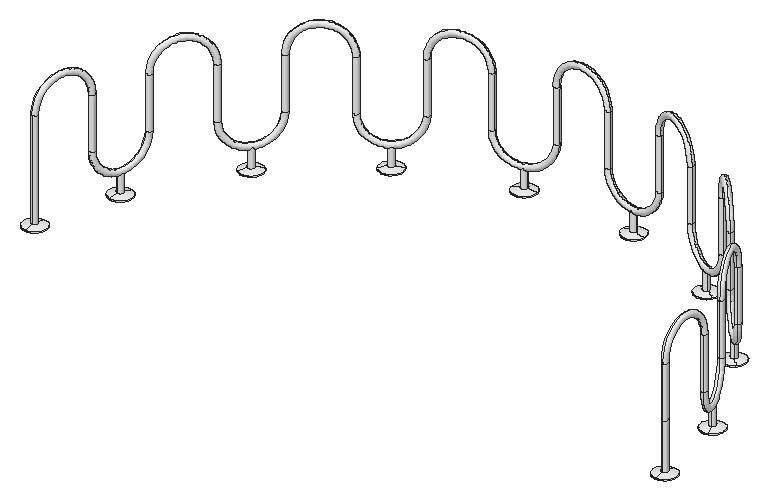
Revit family "Велопарковка «Комби-9» полукруг", category Антураж, Revit 2017
Family settings
  На основе рабочей плоскости = Нет
  Всегда вертикально = Да
  При загрузке вырезать с полостями = Нет
  Источник визуального образа = Геометрия семейства
  Общий = Нет
  Точка расчета площади = Нет
Parameters (values of type "Велопарковка «Комби-9» полукруг")
  Стоимость = 25942
  Изготовитель = "ООО \"Хоббика\""
  Высота = 0 mm
  URL = "https://hobbyka.ru/product/veloparkovka_kombi-9_polukrug/?sphrase_id=68930"
  ADSK_Размер_Ширина = 2295 mm
  ADSK_Размер_Длина = 3695 mm
  ADSK_Размер_Высота = 765 mm
  ADSK_Наименование = "Велопарковка «Комби-9» полукруг"
  ADSK_Материал велопарковки = Сталь, хромированная
  ADSK_Код изделия = "7275"
Reference planes
  plane 1 "По центру (Вперед/Назад)": y = 0
  plane 2: z = 0
  plane 3 "По центру (Влево/Вправо)": x = 0
Forms (mm)
  Revolve 1, solid, material "Сталь, хромированная" <- "ADSK_Материал велопарковки"
    sketch origin (-1854.352, -0.274, 0) x (0, 1, 0) y (0, 0, 1)
      loop
        line (2.989, 13.972) -> (2.989, 585.495) -> (-13.011, 585.495) -> (-13.011, 13.972) -> (2.989, 13.972)
      axis (2.989, 585.495) -> (2.989, 13.972)
    angle from 0 to 360
  Revolve 2, solid, material "Сталь, хромированная" <- "ADSK_Материал велопарковки"
    sketch origin (-1854.352, -0.274, 0) x (0, 1, 0) y (0, 0, 1)
      loop
        line (2.771, 14.161) -> (2.817, 0) -> (68.325, 0) -> (68.325, 3.139) -> (23.648, 14.161) -> (2.771, 14.161)
      axis (2.768, 14.161) -> (2.768, 0)
    angle from 0 to 360
  Revolve 3, solid, material "Сталь, хромированная" <- "ADSK_Материал велопарковки"
    sketch origin (1834.818, -5.537, 0) x (0, 1, 0) y (0, 0, 1)
      loop
        line (2.989, 13.972) -> (2.989, 286.205) -> (-13.011, 286.205) -> (-13.011, 13.972) -> (2.989, 13.972)
      axis (2.989, 286.205) -> (2.989, 13.972)
    angle from 0 to 360
  Revolve 4, solid, material "Сталь, хромированная" <- "ADSK_Материал велопарковки"
    sketch origin (1834.818, -5.537, 0) x (0, 1, 0) y (0, 0, 1)
      loop
        line (2.771, 14.161) -> (2.817, 0) -> (68.325, 0) -> (68.325, 3.139) -> (23.648, 14.161) -> (2.771, 14.161)
      axis (2.768, 14.161) -> (2.768, 0)
    angle from 0 to 360
Dimensions and locks
  aligned and locked: level to plane 2
Nested families
  nested 1: "Семейство5" at (1738.583, 466.965, 0) x (-0.4221, 0.9066, 0) z (0, 0, 1), Материал <- "ADSK_Материал велопарковки", type "Семейство5"
    with Материал Сталь, хромированная
  nested 2: "Семейство5" at (1419.121, 1022.215, 0) x (-0.7067, 0.7075, 0) z (0, 0, 1), Материал <- "ADSK_Материал велопарковки", type "Семейство5"
    with Материал Сталь, хромированная
  nested 3: "Семейство5" at (928.903, 1434.798, 0) x (-0.9061, 0.4232, 0) z (0, 0, 1), Материал <- "ADSK_Материал велопарковки", type "Семейство5"
    with Материал Сталь, хромированная
  nested 4: "Семейство5" at (327.201, 1654.804, 0) x (-0.9961, 0.0878, 0) z (0, 0, 1), Материал <- "ADSK_Материал велопарковки", type "Семейство5"
    with Материал Сталь, хромированная
  nested 5: "Семейство5" at (-313.459, 1655.748, 0) x (-0.9661, -0.2582, 0) z (0, 0, 1), Материал <- "ADSK_Материал велопарковки", type "Семейство5"
    with Материал Сталь, хромированная
  nested 6: "Семейство5" at (-915.807, 1437.516, 0) x (-0.8195, -0.5731, 0) z (0, 0, 1), Материал <- "ADSK_Материал велопарковки", type "Семейство5"
    with Материал Сталь, хромированная
  nested 7: "Семейство5" at (-1407.188, 1026.431, 0) x (-0.5741, -0.8188, 0) z (0, 0, 1), Материал <- "ADSK_Материал велопарковки", type "Семейство5"
    with Материал Сталь, хромированная
  nested 8: "Семейство5" at (-1728.336, 472.074, 0) x (-0.2594, -0.9658, 0) z (0, 0, 1), Материал <- "ADSK_Материал велопарковки", type "Семейство5"
    with Материал Сталь, хромированная
  nested 9: "1" at (1848.696, -164.09, 0) x (-0.0857, 0.9963, 0) z (0, 0, 1), Материал <- "ADSK_Материал велопарковки", type "1"
    with Материал Сталь, хромированная
Definition of nested family "Семейство5"
  Parameters (values of type "Семейство5")
    Материал [instance] = none
    Height = 0 mm
  Reference planes
    plane 1 "По центру (Вперед/Назад)": y = 0
    plane 2: z = 0
    plane 3 "По центру (Влево/Вправо)": x = 0
  Forms (mm)
    Sweep 1, solid, material <- "Материал"
      path origin (161.995, 0, 0) x (1, 0, 0) y (0, 0, 1)
        loop
          arc (324, 585.495) -> (162, 747.495) -> (0, 585.495) r 162
          line (0, 585.495) -> (0, 286.205)
          arc (0, 286.205) -> (-162, 124.205) -> (-324, 286.205) r 162
          line (-324, 286.205) -> (-324, 585.495)
      profile origin (161.995, 0, 435.85) x (0, -1, 0) y (1, 0, 0)
        loop
          circle (0, 0) r 16
    Revolve 2, solid, material <- "Материал"
      sketch origin (161.995, 0, 0) x (1, 0, 0) y (0, 0, 1)
        loop
          line (-96.388, 3.139) -> (-141.066, 14.161) -> (-145.798, 14.161) -> (-145.798, 122.974) -> (-161.995, 122.974) -> (-161.995, 0) -> (-96.388, 0) -> (-96.388, 3.139)
        axis (-161.995, 122.974) -> (-161.995, 0)
      angle from 0 to 360
  Cuts and joins
    joined: Sweep 1, Revolve 2
  Lines and regions (mm)
    symbolic lines
      curve 1: line (0, 65.607, 0) -> (0, -104.393, 0)
      curve 2: line (65.607, 0, 0) -> (-89.393, 0, 0)
  Dimensions and locks
    aligned and locked: level to plane 2
Definition of nested family "1"
  Parameters (values of type "1")
    Материал [instance] = none
    Height = 0 mm
  Reference planes
    plane 1 "По центру (Вперед/Назад)": y = 0
    plane 2: z = 0
    plane 3 "По центру (Влево/Вправо)": x = 0
  Forms (mm)
    Sweep 1, solid, material <- "Материал"
      path origin (161.995, 0, 0) x (1, 0, 0) y (0, 0, 1)
        loop
          arc (324, 585.495) -> (162, 747.495) -> (0, 585.495) r 162
          line (0, 585.495) -> (0, 286.205)
      profile origin (161.995, 0, 435.85) x (0, -1, 0) y (1, 0, 0)
        loop
          circle (0, 0) r 16
  Lines and regions (mm)
    symbolic lines
      curve 1: line (0, 65.607, 0) -> (0, -104.393, 0)
      curve 2: line (65.607, 0, 0) -> (-89.393, 0, 0)
  Dimensions and locks
    aligned and locked: level to plane 2
